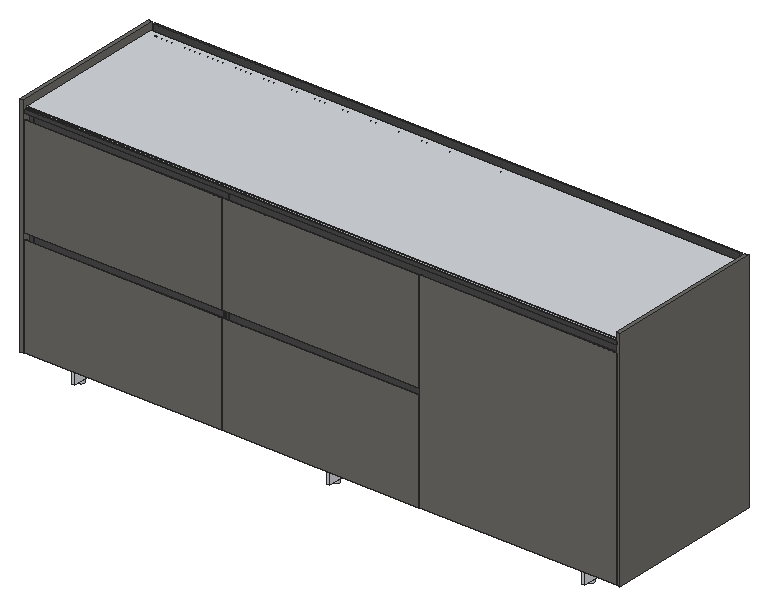
Revit family "Storage-Teknion-CW3Z_C+D_Three_Storage_Credenza_36_Height_Low_Base-R2020", category Furniture, Revit 2020
Family settings
  OmniClass Number = 23.40.20.00
  OmniClass Title = General Furniture and Specialties
  Work Plane-Based = No
  Always vertical = Yes
  Cut with Voids When Loaded = No
  Shared = Yes
  Room Calculation Point = No
Parameters (values of type "24D x 90W")
  Width = 90.000"
  Warranty = "http://www.teknion.com/ca/papers/legal-canada"
  Top Finish [instance] = none
  Storage Option [instance] = "Please select one Storage Option. (CCC) All Close Storage is default."  # constant formula
  Right Waste [instance] = or([(ACW) Left A/V, Center Closed Storage, Right Wasted], [(VCW) Left A/V with Upper Drawer, Center Closed Storage, Right Wasted], [(CCW) Left Closed Storage,Center Closed, Right Waste], [(ADW) Left A/V, Center Drawers, Right Waste], [(DDW) Left Drawers, Center Drawers, Right Waste])  # yes
  Right V&A Cut out [instance] = if(or([(WDA) Left Wasted, Center Drawers, Right A/V], [(WCA) Left Waste, Center Closed, Right A/V], [(WCV) Left Waste, Center Closed, Right A/V with Upper Drawer]), 15.000", 8.000")  # 8.000"
  Unit Weight URL = "http://www.teknion.com/ca/tools/assets#&asset=bee6a381-b954-425e-8283-5a2de3a804f2,f828d448-4b62-4231-9e5f-9a8991c0ed77"
  URL = "www.teknion.com"
  To render please download texture images found here [instance] = "https://assets.teknion.com/web/5e81352c1dfdb467/revit-material-swatches/"
  Sustainability Data = "https://www.teknion.com/ca/tools/assets#&topic=216f99a5-57a0-44fc-b10a-9dee9b29ae4c&asset=444deb64-fe58-4b68-981e-f75e97781df7,b4ff2d81-9f2e-437d-9659-7cffb09c31cf"
  Series = "C+D Conference Table"  # constant formula
  Right V&A 2D Lines [instance] = or([(WDA) Left Wasted, Center Drawers, Right A/V], [(WCA) Left Waste, Center Closed, Right A/V], [(WCV) Left Waste, Center Closed, Right A/V with Upper Drawer])  # no
  Right Drawers [instance] = or([(DDD) All Drawers], [(WDD) Left Waste , Center & Right Drawers])  # no
  Right Double Door [instance] = or([(WCV) Left Waste, Center Closed, Right A/V with Upper Drawer], [(WCA) Left Waste, Center Closed, Right A/V], [(WDA) Left Wasted, Center Drawers, Right A/V], [(WCC)  Left Waste , Center & Right Closed Storage], [(CCC) All Close Storage])  # no
  Middle Right Node [instance] = or(Right Drawers, [(WCV) Left Waste, Center Closed, Right A/V with Upper Drawer])  # no
  Middle Left Node [instance] = Center Drawers  # yes
  Left Waste [instance] = or([(WDA) Left Wasted, Center Drawers, Right A/V], [(WCV) Left Waste, Center Closed, Right A/V with Upper Drawer], [(WCA) Left Waste, Center Closed, Right A/V], [(WCC)  Left Waste , Center & Right Closed Storage], [(WDD) Left Waste , Center & Right Drawers])  # no
  Left V&A Cut Out [instance] = if(or([(ACW) Left A/V, Center Closed Storage, Right Wasted], [(VCW) Left A/V with Upper Drawer, Center Closed Storage, Right Wasted], [(ADW) Left A/V, Center Drawers, Right Waste]), 15.000", 8.000")  # 8.000"
  Left V&A 2D Lines [instance] = or([(ACW) Left A/V, Center Closed Storage, Right Wasted], [(VCW) Left A/V with Upper Drawer, Center Closed Storage, Right Wasted], [(ADW) Left A/V, Center Drawers, Right Waste])  # no
  Left Drawers [instance] = or([(DDW) Left Drawers, Center Drawers, Right Waste], [(DDD) All Drawers])  # yes
  Left Double Door [instance] = or([(ADW) Left A/V, Center Drawers, Right Waste], [(VCW) Left A/V with Upper Drawer, Center Closed Storage, Right Wasted], [(ACW) Left A/V, Center Closed Storage, Right Wasted], [(CCW) Left Closed Storage,Center Closed, Right Waste], [(CCC) All Close Storage])  # no
  Door Size [instance] = 14.750"
  Door L/R Size = 17.769"
  Door C Size = 17.750"
  Description = "C+D Three Storage Credenza, 36\" Height, Low Based, 24\" Depth, 90\" Width"
  Center Drawers [instance] = or([(WDA) Left Wasted, Center Drawers, Right A/V], [(WDD) Left Waste , Center & Right Drawers], [(DDW) Left Drawers, Center Drawers, Right Waste], [(ADW) Left A/V, Center Drawers, Right Waste], [(DDD) All Drawers])  # yes
  Center Closed Storage [instance] = or([(ACW) Left A/V, Center Closed Storage, Right Wasted], [(VCW) Left A/V with Upper Drawer, Center Closed Storage, Right Wasted], [(WCC)  Left Waste , Center & Right Closed Storage], [(WCA) Left Waste, Center Closed, Right A/V], [(WCV) Left Waste, Center Closed, Right A/V with Upper Drawer], [(CCW) Left Closed Storage,Center Closed, Right Waste], [(CCC) All Close Storage])  # no
  Case Finish [instance] = Veneer - Teknion - VP - Chia
  24 2D Node = yes
  20 2D Node = no
  (WCV) Left Waste, Center Closed, Right A/V with Upper Drawer [instance] = no
  (WDD) Left Waste , Center & Right Drawers [instance] = no
  (WCA) Left Waste, Center Closed, Right A/V [instance] = no
  (DDW) Left Drawers, Center Drawers, Right Waste [instance] = yes
  (CCW) Left Closed Storage,Center Closed, Right Waste [instance] = no
  Product Page URL = "https://www.teknion.com/ca/products/product-details?productLineId=f681026f-8e7a-673b-a6c8-ff05004460c4"
  Product Line = "C+D Credenzas"  # constant formula
  Product Documentation Link = "https://www.teknion.com/pricing/cd-conference-table/pdfs/Credenzas_ppg.pdf"
  Part Number = "CW3Z"  # constant formula
  Model = "CW3Z_2490"
  Manufacturer Phone = "416-661-3370"  # constant formula
  Manufacturer Fax = "416.661.4586"  # constant formula
  Manufacturer Contact Information = "http://www.teknion.com/ca/contactus"
  Manufacturer Address = "1150 Flint Road, Toronto, ON. M3J 2J5. Canada"  # constant formula
  Manufacturer = "Teknion"  # constant formula
  (WDA) Left Wasted, Center Drawers, Right A/V [instance] = no
  (DDD) All Drawers [instance] = no
  (CCC) All Close Storage [instance] = not(or([(DDD) All Drawers], [(ACW) Left A/V, Center Closed Storage, Right Wasted], [(VCW) Left A/V with Upper Drawer, Center Closed Storage, Right Wasted], [(WDA) Left Wasted, Center Drawers, Right A/V], [(WCC)  Left Waste , Center & Right Closed Storage], [(WDD) Left Waste , Center & Right Drawers], [(WCA) Left Waste, Center Closed, Right A/V], [(WCV) Left Waste, Center Closed, Right A/V with Upper Drawer], [(CCW) Left Closed Storage,Center Closed, Right Waste], [(DDW) Left Drawers, Center Drawers, Right Waste], [(ADW) Left A/V, Center Drawers, Right Waste]))  # no
  (VCW) Left A/V with Upper Drawer, Center Closed Storage, Right Wasted [instance] = no
  How To Use Teknion Materials User Guide [instance] = "https://assets.teknion.com/m/205dd0a49fa58060/original/How-to-add-a-Material-Library-and-Texture-Images-to-your-Revit-project.pdf"
  For Additional Finishes please visit [instance] = "https://assets.teknion.com/m/44a8009b046e5d47/original/Teknion_Materials_Library.zip"
  Depth = 24.000"
  Default Elevation = 0.000"
  Assembly Code = "E2020200"
  (WCC)  Left Waste , Center & Right Closed Storage [instance] = no
  (ADW) Left A/V, Center Drawers, Right Waste [instance] = no
  (ACW) Left A/V, Center Closed Storage, Right Wasted [instance] = no
Reference planes (in)
  plane 1 "Center Front/Back": y = -10
  plane 2: z = 0.00394
  plane 3 "Center Left/Right": x = 30
  plane 4 "Left": x = -15
  plane 5 "Right": x = 75
  plane 6 "Back": y = 2
  plane 7 "Front": y = -22
  plane 8 "Top": z = 37.00787
  plane 9: y = -1
  plane 10: y = -19
  plane 11: x = 0.37927
  plane 12: x = -14.4311
  plane 13: x = 74.4311
  plane 14: x = 59.62073
  plane 15: x = 15.18963
  plane 16: x = 44.81037
  plane 17: x = -8.25
  plane 18: x = 68.25
  plane 19: y = -21.23622
Forms (in)
  Sweep 1, solid, material "Veneer - Teknion - VP - Chia" <- "Case Finish"
    path origin (0, -10, 0) x (1, 0, 0) y (0, 0, 1)
      loop
        line (30, 37.00787) -> (30, 3.00394)
    profile origin (30, -10, 20.00591) x (0, -1, 0) y (1, 0, 0)
      loop
        line (-12, -45) -> (12, -45) -> (12, -44.46063) -> (-12, -44.46063) -> (-12, -45)
      loop
        line (-12, 45) -> (-12, 44.46063) -> (12, 44.46063) -> (12, 45) -> (-12, 45)
  Sweep 2, solid, material "Veneer - Teknion - VP - Chia" <- "Case Finish"
    path origin (30, 0, 0) x (0, 1, 0) y (0, 0, 1)
      loop
        line (1.21654, 33.95669) -> (1.21654, 3.00394)
    profile origin (30, 1.21654, 18.48031) x (1, 0, 0) y (0, 1, 0)
      loop
        line (-44.46063, 0.72441) -> (-44.46063, 0) -> (44.46063, 0) -> (44.46063, 0.72441) -> (-44.46063, 0.72441)
  Sweep 3, solid, material "Veneer - Teknion - VP - Chia" <- "Case Finish"
    path origin (0, -10, 0) x (1, 0, 0) y (0, 0, 1)
      loop
        line (-14.46063, 11.04331) -> (74.46063, 11.04331)
    profile origin (30, -10, 11.04331) x (0, 0, 1) y (0, -1, 0)
      loop
        line (-7, 11.03819) -> (-8.03937, 11.03819) -> (-8.03937, -11.21654) -> (-7, -11.21654) -> (-7, 11.03819)
  Sweep 4, solid, material "Veneer - Teknion - VP - Chia" <- "Case Finish"
    path origin (0, -10, 0) x (1, 0, 0) y (0, 0, 1)
      loop
        line (30, 4.04331) -> (30, 34.54724)
    profile origin (30, -10, 19.29528) x (-1, 0, 0) y (0, -1, 0)
      loop
        line (44.46063, -11.21654) -> (44.46063, 11.03819) -> (43.73622, 11.03819) -> (43.73622, -11.21654) -> (44.46063, -11.21654)
      loop
        line (15.17257, -11.21654) -> (15.17257, 11.03819) -> (14.44816, 11.03819) -> (14.44816, -11.21654) -> (15.17257, -11.21654)
      loop
        line (-43.73622, 11.03819) -> (-44.46063, 11.03819) -> (-44.46063, -11.21654) -> (-43.73622, -11.21654) -> (-43.73622, 11.03819)
      loop
        line (-14.44816, -11.21654) -> (-14.44816, 11.03819) -> (-15.17257, 11.03819) -> (-15.17257, -11.21654) -> (-14.44816, -11.21654)
  Sweep 5, solid, material "Veneer - Teknion - VP - Chia" <- "Case Finish"
    path origin (0, -10, 0) x (1, 0, 0) y (0, 0, 1)
      loop
        line (74.46063, 35.29528) -> (-14.46063, 35.29528)
    profile origin (30, -10, 35.29528) x (0, 0, -1) y (0, -1, 0)
      loop
        line (0, -11.76378) -> (0.74803, -11.76378) -> (0.74803, 11.03819) -> (0, 11.03819) -> (0, -11.76378)
  Sweep 6, solid, material "Veneer - Teknion - VP - Chia" <- "Case Finish", visible <- "Left Double Door"
    path origin (0, -10, 0) x (1, 0, 0) y (0, 0, 1)
      loop
        line (0.34938, 34.25591) -> (-14.40157, 34.25591)
    profile origin (-7.0261, -10, 34.25591) x (0, 0, -1) y (0, -1, 0)
      loop
        line (0, 11.96063) -> (0, 11.84252) -> (0.6063, 11.23622) -> (31.25197, 11.23622) -> (31.25197, 11.96063) -> (0, 11.96063)
  Sweep 7, solid, material "Veneer - Teknion - VP - Chia" <- "Case Finish", visible <- "Center Closed Storage"
    path origin (14.72047, -10, 0) x (1, 0, 0) y (0, 0, 1)
      loop
        line (15.24939, 34.25591) -> (0.49939, 34.25591)
    profile origin (22.59486, -10, 34.25591) x (0, 0, -1) y (0, -1, 0)
      loop
        line (0, 11.96063) -> (0, 11.84252) -> (0.6063, 11.23622) -> (31.25197, 11.23622) -> (31.25197, 11.96063) -> (0, 11.96063)
  Sweep 8, solid, material "Veneer - Teknion - VP - Chia" <- "Case Finish", visible <- "Center Closed Storage"
    path origin (29.44094, -10, 0) x (1, 0, 0) y (0, 0, 1)
      loop
        line (15.33987, 34.25591) -> (0.58882, 34.25591)
    profile origin (37.40529, -10, 34.25591) x (0, 0, -1) y (0, -1, 0)
      loop
        line (0, 11.96063) -> (0, 11.84252) -> (0.6063, 11.23622) -> (31.25197, 11.23622) -> (31.25197, 11.96063) -> (0, 11.96063)
  Sweep 9, solid, material "Veneer - Teknion - VP - Chia" <- "Case Finish", visible <- "Right Double Door"
    path origin (44.16142, -10, 0) x (1, 0, 0) y (0, 0, 1)
      loop
        line (30.24016, 34.25591) -> (15.48894, 34.25591)
    profile origin (67.02597, -10, 34.25591) x (0, 0, -1) y (0, -1, 0)
      loop
        line (0, 11.96063) -> (0, 11.84252) -> (0.6063, 11.23622) -> (31.25197, 11.23622) -> (31.25197, 11.96063) -> (0, 11.96063)
  Sweep 10, solid, material "Veneer - Teknion - VP - Chia" <- "Case Finish", visible <- "Left Drawers"
    path origin (0, -10, 0) x (1, 0, 0) y (0, 0, 1)
      loop
        line (-14.40157, 19.12992) -> (15.15947, 19.12992)
    profile origin (0.37895, -10, 19.12992) x (0, 0, 1) y (0, -1, 0)
      loop
        line (15.12598, 11.84252) -> (15.12598, 11.96063) -> (0, 11.96063) -> (0, 11.23622) -> (14.51969, 11.23622) -> (15.12598, 11.84252)
  Sweep 11, solid, material "Veneer - Teknion - VP - Chia" <- "Case Finish", visible <- "Left Drawers"
    path origin (0, -10, 0) x (1, 0, 0) y (0, 0, 1)
      loop
        line (15.15947, 18.12992) -> (-14.40157, 18.12992)
    profile origin (0.37895, -10, 18.12992) x (0, 0, -1) y (0, -1, 0)
      loop
        line (0, 11.96063) -> (0, 11.84252) -> (0.6063, 11.23622) -> (15.12598, 11.23622) -> (15.12598, 11.96063) -> (0, 11.96063)
  Sweep 12, solid, material "Veneer - Teknion - VP - Chia" <- "Case Finish", visible <- "Right Drawers"
    path origin (29.44094, -10, 0) x (1, 0, 0) y (0, 0, 1)
      loop
        line (15.39927, 19.12992) -> (44.96063, 19.12992)
    profile origin (59.62089, -10, 19.12992) x (0, 0, 1) y (0, -1, 0)
      loop
        line (15.12598, 11.84252) -> (15.12598, 11.96063) -> (0, 11.96063) -> (0, 11.23622) -> (14.51969, 11.23622) -> (15.12598, 11.84252)
  Sweep 13, solid, material "Veneer - Teknion - VP - Chia" <- "Case Finish", visible <- "Right Drawers"
    path origin (29.44094, -10, 0) x (1, 0, 0) y (0, 0, 1)
      loop
        line (44.96063, 18.12992) -> (15.39927, 18.12992)
    profile origin (59.62089, -10, 18.12992) x (0, 0, -1) y (0, -1, 0)
      loop
        line (0, 11.96063) -> (0, 11.84252) -> (0.6063, 11.23622) -> (15.12598, 11.23622) -> (15.12598, 11.96063) -> (0, 11.96063)
  Sweep 14, solid, material "Paint - Teknion - 52 - Ebony"
    path origin (0, 0, 0.00394) x (1, 0, 0) y (0, 1, 0)
      loop
        line (74.46063, -20.29016) -> (-14.46063, -20.29016)
    profile origin (30, -20.29016, 0.00394) x (0, -1, 0) y (0, 0, 1)
      loop
        line (1.67055, 35.78346) -> (1.27685, 35.78346) -> (1.27685, 35.33071) -> (0.74803, 35.33071) -> (0.74803, 34.54331) -> (0, 34.54331) -> (0, 33.32283) -> (0.82803, 33.32283) -> (0.82803, 35.25071) -> (1.67055, 35.25071) -> (1.67055, 35.78346)
  Sweep 15, solid, material "Paint - Teknion - 52 - Ebony"
    path origin (0, 0, 0.00394) x (1, 0, 0) y (0, 1, 0)
      loop
        line (-13.96063, 0.76378) -> (73.96063, 0.76378)
    profile origin (30, 0.76378, 0.00394) x (0, 1, 0) y (0, 0, 1)
      loop
        line (1.23622, 37.00394) -> (1, 37.00394) -> (1, 35.58324)
        arc (1, 35.58324) -> (1, 35.52756) -> (0.94432, 35.52756) r 0.03937
        line (0.94432, 35.52756) -> (0, 35.52756) -> (0, 35.29134) -> (0.94432, 35.29134)
        arc (0.94432, 35.29134) -> (1, 35.29134) -> (1, 35.23566) r 0.03937
        line (1, 35.23566) -> (1, 34.54331) -> (1.23622, 34.54331) -> (1.23622, 37.00394)
  Sweep 16, solid, material "Veneer - Teknion - VP - Chia" <- "Case Finish", visible <- "Left Waste"
    path origin (0, -10, 0) x (1, 0, 0) y (0, 0, 1)
      loop
        line (15.15947, 34.25591) -> (-14.40157, 34.25591)
    profile origin (0.37895, -10, 34.25591) x (0, 0, -1) y (0, -1, 0)
      loop
        line (0, 11.84252) -> (0.6063, 11.23622) -> (31.25197, 11.23622) -> (31.25197, 11.96063) -> (0, 11.96063) -> (0, 11.84252)
  Sweep 17, solid, material "Veneer - Teknion - VP - Chia" <- "Case Finish", visible <- "Right Waste"
    path origin (29.44094, -10, 0) x (1, 0, 0) y (0, 0, 1)
      loop
        line (44.96063, 34.25591) -> (15.39927, 34.25591)
    profile origin (59.62089, -10, 34.25591) x (0, 0, -1) y (0, -1, 0)
      loop
        line (0, 11.84252) -> (0.6063, 11.23622) -> (31.25197, 11.23622) -> (31.25197, 11.96063) -> (0, 11.96063) -> (0, 11.84252)
  Sweep 18, solid, material <- "Top Finish"
    path origin (0, -10, 0) x (1, 0, 0) y (0, 0, 1)
      loop
        line (-14.46063, 36.00394) -> (74.46063, 36.00394)
    profile origin (30, -10, 36.00394) x (0, 0, 1) y (0, -1, 0)
      loop
        arc (0, 11.66535) -> (-0.0173, 11.70711) -> (-0.05906, 11.72441) r 0.05906
        line (-0.05906, 11.72441) -> (-0.21654, 11.72441) -> (-0.21654, 11.48819) -> (-0.47244, 11.48819) -> (-0.47244, -11.76378) -> (0, -11.76378) -> (0, 11.66535)
  Sweep 19, solid, material "Paint - Teknion - 52 - Ebony", visible <- "Left Drawers"
    path origin (0, -10, 0) x (1, 0, 0) y (0, 0, 1)
      loop
        line (0.37927, 19.20866) -> (0.37927, 17.24016)
    profile origin (0.37927, -10, 18.22441) x (0, -1, 0) y (1, 0, 0)
      loop
        line (11.03819, -14.11549) -> (11.03819, -14.8399) -> (11.11319, -14.8399) -> (11.11319, 14.81037) -> (11.03819, 14.81037) -> (11.03819, 14.44816) -> (10.29016, 14.44816) -> (10.29016, -14.11549) -> (11.03819, -14.11549)
  Sweep 20, solid, material "Paint - Teknion - 52 - Ebony", visible <- "Right Drawers"
    path origin (29.46063, -10, 0) x (1, 0, 0) y (0, 0, 1)
      loop
        line (30.1601, 19.20866) -> (30.1601, 17.24016)
    profile origin (59.62073, -10, 18.22441) x (0, -1, 0) y (1, 0, 0)
      loop
        line (11.03819, -14.44816) -> (11.03819, -14.81037) -> (11.11319, -14.81037) -> (11.11319, 14.8399) -> (11.03819, 14.8399) -> (11.03819, 14.11549) -> (10.29016, 14.11549) -> (10.29016, -14.44816) -> (11.03819, -14.44816)
  Sweep 21, void
    path origin (74, -2.36839, 48) x (0, 1, 0) y (0, 0, 1)
      loop
        line (0.36839, -29.51969) -> (-7.63161, -29.51969)
    profile origin (74, -6, 18.48031) x (0, 0, -1) y (1, 0, 0)
      loop
        arc (-5, -19.35105) -> (-4.92678, -19.52783) -> (-4.75, -19.60105) r 0.25
        line (-4.75, -19.60105) -> (4.75, -19.60105)
        arc (4.75, -19.60105) -> (4.92678, -19.52783) -> (5, -19.35105) r 0.25
        line (5, -19.35105) -> (5, -9.85105)
        arc (5, -9.85105) -> (4.92678, -9.67427) -> (4.75, -9.60105) r 0.25
        line (4.75, -9.60105) -> (-4.75, -9.60105)
        arc (-4.75, -9.60105) -> (-4.92678, -9.67427) -> (-5, -9.85105) r 0.25
        line (-5, -9.85105) -> (-5, -19.35105)
  Sweep 22, void
    path origin (74, -2.36839, 48) x (0, 1, 0) y (0, 0, 1)
      loop
        line (-7.63161, -22.51969) -> (0.36839, -22.51969)
    profile origin (74, -6, 25.48031) x (0, 0, 1) y (1, 0, 0)
      loop
        line (-2, -78.14895) -> (-2, -68.64895)
        arc (-2, -68.64895) -> (-2.07322, -68.47217) -> (-2.25, -68.39895) r 0.25
        line (-2.25, -68.39895) -> (-11.75, -68.39895)
        arc (-11.75, -68.39895) -> (-11.92678, -68.47217) -> (-12, -68.64895) r 0.25
        line (-12, -68.64895) -> (-12, -78.14895)
        arc (-12, -78.14895) -> (-11.92678, -78.32573) -> (-11.75, -78.39895) r 0.25
        line (-11.75, -78.39895) -> (-2.25, -78.39895)
        arc (-2.25, -78.39895) -> (-2.07322, -78.32573) -> (-2, -78.14895) r 0.25
  Sweep 23, solid, material "Veneer - Teknion - VP - Chia" <- "Case Finish", visible <- "Left Double Door"
    path origin (17.81009, -10, 0) x (1, 0, 0) y (0, 0, 1)
      loop
        line (-2.65062, 34.25591) -> (-17.40062, 34.25591)
    profile origin (7.78447, -10, 34.25591) x (0, 0, -1) y (0, -1, 0)
      loop
        line (0, 11.96063) -> (0, 11.84252) -> (0.6063, 11.23622) -> (31.25197, 11.23622) -> (31.25197, 11.96063) -> (0, 11.96063)
  Sweep 24, solid, material "Veneer - Teknion - VP - Chia" <- "Case Finish", visible <- "Right Double Door"
    path origin (26.35127, -10, 0) x (1, 0, 0) y (0, 0, 1)
      loop
        line (33.23982, 34.25591) -> (18.48894, 34.25591)
    profile origin (52.21565, -10, 34.25591) x (0, 0, -1) y (0, -1, 0)
      loop
        line (0, 11.96063) -> (0, 11.84252) -> (0.6063, 11.23622) -> (31.25197, 11.23622) -> (31.25197, 11.96063) -> (0, 11.96063)
  Sweep 25, solid, material "Paint - Teknion - 52 - Ebony", visible <- "Center Drawers"
    path origin (35.62073, -10, 0) x (1, 0, 0) y (0, 0, 1)
      loop
        line (-5.62073, 19.20866) -> (-5.62073, 17.24016)
    profile origin (30, -10, 18.22441) x (0, -1, 0) y (1, 0, 0)
      loop
        line (11.03819, -14.44816) -> (11.03819, -14.81037) -> (11.11319, -14.81037) -> (11.11319, 14.81037) -> (11.03819, 14.81037) -> (11.03819, 14.44816) -> (10.29016, 14.44816) -> (10.29016, -14.44816) -> (11.03819, -14.44816)
  Sweep 26, solid, material "Veneer - Teknion - VP - Chia" <- "Case Finish", visible <- "Center Drawers"
    path origin (-6.17979, -10, 0) x (1, 0, 0) y (0, 0, 1)
      loop
        line (21.39965, 26.13386) -> (50.9606, 26.13386)
    profile origin (30.00034, -10, 26.13386) x (0, 0, 1) y (0, -1, 0)
      loop
        line (8.12205, 11.84252) -> (8.12205, 11.96063) -> (-7.00394, 11.96063) -> (-7.00394, 11.23622) -> (7.51575, 11.23622) -> (8.12205, 11.84252)
  Sweep 27, solid, material "Veneer - Teknion - VP - Chia" <- "Case Finish", visible <- "Center Drawers"
    path origin (-6.17979, -10, 0) x (1, 0, 0) y (0, 0, 1)
      loop
        line (50.9606, 25.13386) -> (21.39965, 25.13386)
    profile origin (30.00034, -10, 25.13386) x (0, 0, -1) y (0, -1, 0)
      loop
        line (7.00394, 11.96063) -> (7.00394, 11.84252) -> (7.61024, 11.23622) -> (22.12992, 11.23622) -> (22.12992, 11.96063) -> (7.00394, 11.96063)
  Sweep 28, solid
    path origin (0, -10, 0) x (1, 0, 0) y (0, 0, 1)
      loop
        line (-8.25, 0.27953) -> (-8.25, 0.00394)
    profile origin (-8.25, -10, 0.14173) x (0, -1, 0) y (1, 0, 0)
      loop
        circle (9, 0) r 0.41476
      loop
        circle (9, 0) r 0.12964
      loop
        circle (-9, 0) r 0.41476
      loop
        circle (-9, 0) r 0.12964
      loop
        circle (9, 38.25) r 0.41476
      loop
        circle (9, 38.25) r 0.12964
      loop
        circle (-9, 38.25) r 0.41476
      loop
        circle (-9, 38.25) r 0.12964
      loop
        circle (-9, 76.5) r 0.41476
      loop
        circle (-9, 76.5) r 0.12964
      loop
        circle (9, 76.5) r 0.41476
      loop
        circle (9, 76.5) r 0.12964
  Sweep 29, solid
    path origin (0, -10, 0) x (1, 0, 0) y (0, 0, 1)
      loop
        line (-8.25, 3.00394) -> (-8.25, 0.27953)
    profile origin (-8.25, -10, 1.64173) x (0, -1, 0) y (1, 0, 0)
      loop
        line (-10.5, -0.25) -> (10.5, -0.25) -> (10.5, 0.25) -> (-10.5, 0.25) -> (-10.5, -0.25)
      loop
        line (-10.5, 76.25) -> (10.5, 76.25) -> (10.5, 76.75) -> (-10.5, 76.75) -> (-10.5, 76.25)
      loop
        line (10.5, 38) -> (10.5, 38.5) -> (-10.5, 38.5) -> (-10.5, 38) -> (10.5, 38)
  Sweep 30, solid
    path origin (0, -10, 0) x (1, 0, 0) y (0, 0, 1)
      loop
        line (30, 3.00394) -> (30, 0.27953)
    profile origin (30, -10, 1.64173) x (0, -1, 0) y (1, 0, 0)
      loop
        line (-8.5, -38) -> (2.5, -38) -> (2.5, -0.25) -> (-8.5, -0.25) -> (-8.5, -38)
      loop
        line (-8.5, 0.25) -> (2.5, 0.25) -> (2.5, 38) -> (-8.5, 38) -> (-8.5, 0.25)
      loop
        line (-7.75, -37.25) -> (1.75, -37.25) -> (1.75, -1) -> (-7.75, -1) -> (-7.75, -37.25)
      loop
        line (-7.75, 1) -> (1.75, 1) -> (1.75, 37.25) -> (-7.75, 37.25) -> (-7.75, 1)
Cuts and joins
  Sweep 21, Sweep 22 cuts Sweep 2
Lines and regions (in)
  Masking region 1
    outline origin (0, 0, 0.00394) x (1, 0, 0) y (0, 1, 0)
      loop
        line (-15, 2) -> (-15, -22) -> (-14.46063, -22) -> (-14.46063, -21.96071) -> (74.46063, -21.96071) -> (74.46063, -22) -> (75, -22) -> (75, 2) -> (74.46063, 2) -> (74.46063, 1.94094) -> (73.96063, 1.94094) -> (73.96063, 2) -> (-13.96063, 2) -> (-13.96063, 1.94094) -> (-14.46063, 1.94094) -> (-14.46063, 2) -> (-15, 2)
  symbolic lines
    curve 1: line (-14.46063, -22, 0.00394) -> (-14.46063, 2, 0.00394)
    curve 2: line (-14.46063, -21.72441, 0.00394) -> (74.46063, -21.72441, 0.00394)
    curve 3: line (74.46063, 2, 0.00394) -> (74.46063, -22, 0.00394)
    curve 4: line (74.46063, 1.76378, 0.00394) -> (-14.46063, 1.76378, 0.00394)
    curve 5: line (73.96063, 2, 0.00394) -> (73.96063, 1.76378, 0.00394)
    curve 6: line (-13.96063, 2, 0.00394) -> (-13.96063, 1.76378, 0.00394)
  symbolic lines, style "FurnitureHiddenLines", detail levels medium+fine
    curve 7: line (74.46063, 1.94094, 0.00394) -> (-14.46063, 1.94094, 0.00394)
    curve 8: line (-13.96063, 0.76378, 0.00394) -> (73.96063, 0.76378, 0.00394)
    curve 9: line (74.46063, 1.21654, 0.00394) -> (-14.46063, 1.21654, 0.00394)
    curve 10: line (-13.73622, -21.03819, 0.00394) -> (-13.73622, 1.21654, 0.00394)
    curve 11: line (-13.96063, 0.76378, 0.00394) -> (-13.96063, 2, 0.00394)
    curve 12: line (73.96063, 1.7081, 0.00394) -> (-13.96063, 1.7081, 0.00394)
    curve 13: line (73.73622, 1.21654, 0.00394) -> (73.73622, -21.03819, 0.00394)
    curve 14: line (74.46063, -21.03819, 0.00394) -> (-14.46063, -21.03819, 0.00394)
    curve 15: line (14.82743, 1.21654, 0.00394) -> (14.82743, -21.03819, 0.00394)
    curve 16: line (15.55184, -21.03819, 0.00394) -> (15.55184, 1.21654, 0.00394)
    curve 17: line (74.46063, -20.29016, 0.00394) -> (-14.46063, -20.29016, 0.00394)
    curve 18: line (-14.46063, -21.11819, 0.00394) -> (74.46063, -21.11819, 0.00394)
    curve 19: line (74.46063, -21.56701, 0.00394) -> (-14.46063, -21.56701, 0.00394)
    curve 20: line (-14.46063, -21.48819, 0.00394) -> (74.46063, -21.48819, 0.00394)
    curve 31: line (-14.40157, -21.23622, 0.00394) -> (-14.40157, -21.96063, 0.00394)
    curve 51: line (44.44816, 1.21654, 0.00394) -> (44.44816, -21.03819, 0.00394)
    curve 52: line (45.17257, -21.03819, 0.00394) -> (45.17257, 1.21654, 0.00394)
    curve 53: line (45.17257, 1.21654, 0.00394) -> (44.44816, 1.21654, 0.00394)
    curve 54: line (44.44816, -21.03819, 0.00394) -> (45.17257, -21.03819, 0.00394)
    curve 126: line (15.15947, -21.23622, 0.00394) -> (0.40947, -21.23622, 0.00394)
  symbolic lines, style "FurnitureHiddenLines", visible <- "Left Double Door", detail levels medium+fine
    curve 21: line (-14.40157, -21.23622, 0.00394) -> (-14.40157, -21.96063, 0.00394)
    curve 22: line (0.34938, -21.23622, 0.00394) -> (0.34938, -21.96063, 0.00394)
    curve 23: line (0.34938, -21.23622, 0.00394) -> (-14.40157, -21.23622, 0.00394)
    curve 24: line (15.21986, -21.23622, 0.00394) -> (15.21986, -21.96063, 0.00394)
    curve 55: line (0.40947, -21.23622, 0.00394) -> (15.15947, -21.23622, 0.00394)
    curve 56: line (0.40947, -21.96063, 0.00394) -> (0.40947, -21.23622, 0.00394)
    curve 57: line (15.15947, -21.96063, 0.00394) -> (0.40947, -21.96063, 0.00394)
    curve 58: line (15.15947, -21.23622, 0.00394) -> (15.15947, -21.96063, 0.00394)
  symbolic lines, style "FurnitureHiddenLines", visible <- "Right Double Door", detail levels medium+fine
    curve 25: line (44.78081, -21.23622, 0.00394) -> (44.78081, -21.96063, 0.00394)
    curve 26: line (44.84021, -21.23622, 0.00394) -> (44.84021, -21.96063, 0.00394)
    curve 27: line (74.40157, -21.23622, 0.00394) -> (59.65036, -21.23622, 0.00394)
    curve 28: line (59.65036, -21.23622, 0.00394) -> (59.65036, -21.96063, 0.00394)
    curve 29: line (74.40157, -21.23622, 0.00394) -> (74.40157, -21.96063, 0.00394)
    curve 67: line (59.59109, -21.23622, 0.00394) -> (44.84021, -21.23622, 0.00394)
    curve 68: line (44.84021, -21.96063, 0.00394) -> (59.59109, -21.96063, 0.00394)
    curve 69: line (59.59109, -21.23622, 0.00394) -> (59.59109, -21.96063, 0.00394)
  symbolic lines, style "FurnitureHiddenLines", visible <- "Left Waste", detail levels medium+fine
    curve 30: line (15.15947, -21.23622, 0.00394) -> (15.15947, -21.96063, 0.00394)
    curve 127: line (15.15947, -21.23622, 0.00394) -> (0.40947, -21.23622, 0.00394)
  symbolic lines, style "FurnitureHiddenLines", visible <- "Right Drawers", detail levels medium+fine
    curve 32: line (44.84021, -21.23622, 0.00394) -> (44.84021, -21.96063, 0.00394)
    curve 33: line (74.40157, -21.23622, 0.00394) -> (44.84021, -21.23622, 0.00394)
    curve 34: line (74.40157, -21.23622, 0.00394) -> (74.40157, -21.96063, 0.00394)
  symbolic lines, style "FurnitureHiddenLines", visible <- "Left Drawers", detail levels medium+fine
    curve 35: line (-14.40157, -21.96063, 0.00394) -> (-14.40157, -21.23622, 0.00394)
    curve 36: line (15.15947, -21.23622, 0.00394) -> (-14.40157, -21.23622, 0.00394)
    curve 129: line (15.15947, -21.23622, 0.00394) -> (15.15947, -21.96063, 0.00394)
  symbolic lines, style "FurnitureHiddenLines", visible <- "Right Waste", detail levels medium+fine
    curve 37: line (74.40157, -21.96063, 0.00394) -> (74.40157, -21.23622, 0.00394)
    curve 38: line (74.40157, -21.23622, 0.00394) -> (44.84021, -21.23622, 0.00394)
    curve 125: line (44.84021, -21.23622, 0.00394) -> (44.84021, -21.96063, 0.00394)
  reference lines
    curve 39: line (-15, 2, 0.00394) -> (75, 2, 0.00394)
    curve 40: line (-15, 4, 0.00394) -> (-15, -24, 0.00394)
    curve 41: line (-15, -22, 0.00394) -> (75, -22, 0.00394)
    curve 42: line (75, 4, 0.00394) -> (75, -24, 0.00394)
  symbolic lines, style "FurnitureHiddenLines", visible <- "Left V&A 2D Lines", detail levels medium+fine
    curve 43: line (-4.39895, 1.94094, 0.00394) -> (5.60105, 1.94094, 0.00394)
    curve 44: line (-4.39895, 1.21654, 0.00394) -> (-4.39895, 1.94094, 0.00394)
    curve 45: line (5.60105, 1.21654, 0.00394) -> (-4.39895, 1.21654, 0.00394)
    curve 46: line (5.60105, 1.94094, 0.00394) -> (5.60105, 1.21654, 0.00394)
  symbolic lines, style "FurnitureHiddenLines", visible <- "Right V&A 2D Lines", detail levels medium+fine
    curve 47: line (54.39895, 1.94094, 0.00394) -> (64.39895, 1.94094, 0.00394)
    curve 48: line (54.39895, 1.21654, 0.00394) -> (54.39895, 1.94094, 0.00394)
    curve 49: line (64.39895, 1.21654, 0.00394) -> (54.39895, 1.21654, 0.00394)
    curve 50: line (64.39895, 1.94094, 0.00394) -> (64.39895, 1.21654, 0.00394)
  symbolic lines, style "FurnitureHiddenLines", visible <- "Center Closed Storage", detail levels medium+fine
    curve 59: line (15.21986, -21.23622, 0.00394) -> (29.96986, -21.23622, 0.00394)
    curve 60: line (15.21986, -21.96063, 0.00394) -> (15.21986, -21.23622, 0.00394)
    curve 61: line (29.96986, -21.96063, 0.00394) -> (15.21986, -21.96063, 0.00394)
    curve 62: line (29.96986, -21.23622, 0.00394) -> (29.96986, -21.96063, 0.00394)
    curve 63: line (30.02977, -21.96063, 0.00394) -> (44.78081, -21.96063, 0.00394)
    curve 64: line (30.02977, -21.23622, 0.00394) -> (30.02977, -21.96063, 0.00394)
    curve 65: line (44.78081, -21.23622, 0.00394) -> (30.02977, -21.23622, 0.00394)
    curve 66: line (44.78081, -21.96063, 0.00394) -> (44.78081, -21.23622, 0.00394)
  symbolic lines, style "FurnitureHiddenLines", visible <- "Center Drawers", detail levels medium+fine
    curve 70: line (15.21986, -21.23622, 0.00394) -> (44.78081, -21.23622, 0.00394)
    curve 71: line (15.21986, -21.96063, 0.00394) -> (15.21986, -21.23622, 0.00394)
    curve 72: line (44.78081, -21.96063, 0.00394) -> (15.21986, -21.96063, 0.00394)
    curve 128: line (44.78081, -21.96063, 0.00394) -> (44.78081, -21.23622, 0.00394)
  symbolic lines, style "FurnitureHiddenLines", detail levels fine
    curve 73: line (-8.5, 0.5, 0.00394) -> (-8, 0.5, 0.00394)
    curve 74: line (-8.5, -20.5, 0.00394) -> (-8.5, 0.5, 0.00394)
    curve 75: line (-8, -20.5, 0.00394) -> (-8.5, -20.5, 0.00394)
    curve 76: line (-8, 0.5, 0.00394) -> (-8, -20.5, 0.00394)
    curve 77: line (29.75, 0.5, 0.00394) -> (30.25, 0.5, 0.00394)
    curve 78: line (29.75, -20.5, 0.00394) -> (29.75, 0.5, 0.00394)
    curve 79: line (30.25, -20.5, 0.00394) -> (29.75, -20.5, 0.00394)
    curve 80: line (30.25, 0.5, 0.00394) -> (30.25, -20.5, 0.00394)
    curve 81: line (68, 0.5, 0.00394) -> (68.5, 0.5, 0.00394)
    curve 82: line (68, -20.5, 0.00394) -> (68, 0.5, 0.00394)
    curve 83: line (68.5, -20.5, 0.00394) -> (68, -20.5, 0.00394)
    curve 84: line (68.5, 0.5, 0.00394) -> (68.5, -20.5, 0.00394)
    curve 85: line (-8, -1.5, 0.00394) -> (29.75, -1.5, 0.00394)
    curve 86: line (-8, -12.5, 0.00394) -> (-8, -1.5, 0.00394)
    curve 87: line (29.75, -12.5, 0.00394) -> (-8, -12.5, 0.00394)
    curve 88: line (29.75, -1.5, 0.00394) -> (29.75, -12.5, 0.00394)
    curve 89: line (-7.25, -11.75, 0.00394) -> (29, -11.75, 0.00394)
    curve 90: line (-7.25, -2.25, 0.00394) -> (-7.25, -11.75, 0.00394)
    curve 91: line (29, -2.25, 0.00394) -> (-7.25, -2.25, 0.00394)
    curve 92: line (29, -11.75, 0.00394) -> (29, -2.25, 0.00394)
    curve 93: line (30.25, -1.5, 0.00394) -> (68, -1.5, 0.00394)
    curve 94: line (30.25, -12.5, 0.00394) -> (30.25, -1.5, 0.00394)
    curve 95: line (68, -12.5, 0.00394) -> (30.25, -12.5, 0.00394)
    curve 96: line (68, -1.5, 0.00394) -> (68, -12.5, 0.00394)
    curve 97: line (31, -11.75, 0.00394) -> (67.25, -11.75, 0.00394)
    curve 98: line (31, -2.25, 0.00394) -> (31, -11.75, 0.00394)
    curve 99: line (67.25, -2.25, 0.00394) -> (31, -2.25, 0.00394)
    curve 100: line (67.25, -11.75, 0.00394) -> (67.25, -2.25, 0.00394)
    curve 101: arc (30, -1.41476, 0.00394) -> (30.41476, -1, 0.00394) -> (30, -0.58524, 0.00394) r 0.41476
    curve 102: arc (30, -0.58524, 0.00394) -> (29.58524, -1, 0.00394) -> (30, -1.41476, 0.00394) r 0.41476
    curve 103: arc (30, -1.12964, 0.00394) -> (29.87036, -1, 0.00394) -> (30, -0.87036, 0.00394) r 0.12964
    curve 104: arc (30, -0.87036, 0.00394) -> (30.12964, -1, 0.00394) -> (30, -1.12964, 0.00394) r 0.12964
    curve 105: arc (30, -19.41476, 0.00394) -> (30.41476, -19, 0.00394) -> (30, -18.58524, 0.00394) r 0.41476
    curve 106: arc (30, -18.58524, 0.00394) -> (29.58524, -19, 0.00394) -> (30, -19.41476, 0.00394) r 0.41476
    curve 107: arc (30, -19.12964, 0.00394) -> (29.87036, -19, 0.00394) -> (30, -18.87036, 0.00394) r 0.12964
    curve 108: arc (30, -18.87036, 0.00394) -> (30.12964, -19, 0.00394) -> (30, -19.12964, 0.00394) r 0.12964
    curve 109: arc (-8.25, -18.58524, 0.00394) -> (-8.66476, -19, 0.00394) -> (-8.25, -19.41476, 0.00394) r 0.41476
    curve 110: arc (-8.25, -19.41476, 0.00394) -> (-7.83524, -19, 0.00394) -> (-8.25, -18.58524, 0.00394) r 0.41476
    curve 111: arc (-8.25, -19.12964, 0.00394) -> (-8.37964, -19, 0.00394) -> (-8.25, -18.87036, 0.00394) r 0.12964
    curve 112: arc (-8.25, -18.87036, 0.00394) -> (-8.12036, -19, 0.00394) -> (-8.25, -19.12964, 0.00394) r 0.12964
    curve 113: arc (-8.25, -0.58524, 0.00394) -> (-8.66476, -1, 0.00394) -> (-8.25, -1.41476, 0.00394) r 0.41476
    curve 114: arc (-8.25, -1.41476, 0.00394) -> (-7.83524, -1, 0.00394) -> (-8.25, -0.58524, 0.00394) r 0.41476
    curve 115: arc (-8.25, -0.87036, 0.00394) -> (-8.12036, -1, 0.00394) -> (-8.25, -1.12964, 0.00394) r 0.12964
    curve 116: arc (-8.25, -1.12964, 0.00394) -> (-8.37964, -1, 0.00394) -> (-8.25, -0.87036, 0.00394) r 0.12964
    curve 117: arc (68.25, -0.58524, 0.00394) -> (67.83524, -1, 0.00394) -> (68.25, -1.41476, 0.00394) r 0.41476
    curve 118: arc (68.25, -1.41476, 0.00394) -> (68.66476, -1, 0.00394) -> (68.25, -0.58524, 0.00394) r 0.41476
    curve 119: arc (68.25, -0.87036, 0.00394) -> (68.37964, -1, 0.00394) -> (68.25, -1.12964, 0.00394) r 0.12964
    curve 120: arc (68.25, -1.12964, 0.00394) -> (68.12036, -1, 0.00394) -> (68.25, -0.87036, 0.00394) r 0.12964
    curve 121: arc (68.25, -18.58524, 0.00394) -> (67.83524, -19, 0.00394) -> (68.25, -19.41476, 0.00394) r 0.41476
    curve 122: arc (68.25, -19.41476, 0.00394) -> (68.66476, -19, 0.00394) -> (68.25, -18.58524, 0.00394) r 0.41476
    curve 123: arc (68.25, -18.87036, 0.00394) -> (68.37964, -19, 0.00394) -> (68.25, -19.12964, 0.00394) r 0.12964
    curve 124: arc (68.25, -19.12964, 0.00394) -> (68.12036, -19, 0.00394) -> (68.25, -18.87036, 0.00394) r 0.12964
Dimensions and locks (in)
  "Width": plane 4 "Left" to plane 5 "Right"
  "Depth": plane 6 "Back" to plane 7 "Front"
  plane 8 "Top" to level = 37.00394"
  locked: Sweep 1 sketch curve to Sweep 1 sketch curve at 0.53937  (x2)
  Sweep 2 sketch curve to plane 6 "Back" = 0.78346"
  plane 6 "Back" to Sweep 2 sketch curve to Sweep 2 sketch curve = 0.05906" locked, 0.72441" locked
  locked: Sweep 3 sketch curve to plane 2 at 11.03937
  plane 2 to Sweep 3 sketch curve to Sweep 3 sketch curve = 3.000" locked, 1.03937" locked
  locked: Sweep 4 sketch curve to Sweep 4 sketch curve at 0.72441  (x2)
  locked: plane 7 "Front" to Sweep 3 sketch curve at 0.96181
  equal spacing: plane 4 "Left", plane 3 "Center Left/Right", plane 5 "Right"
  locked: plane 6 "Back" to Sweep 5 sketch curve at 0.23622
  locked: Sweep 5 sketch curve to plane 7 "Front" at 0.96181
  locked: Sweep 5 sketch curve to Sweep 5 sketch curve at 0.74803
  plane 7 "Front" to Sweep 6 sketch curve to Sweep 6 sketch curve = 0.03937" locked, 0.72441" locked
  Sweep 6 sketch curve to Sweep 6 sketch curve to Sweep 6 sketch curve = 30.64567" locked, 0.6063" locked
  Sweep 7 sketch curve to Sweep 7 sketch curve to Sweep 7 sketch curve = 30.64567" locked, 0.6063" locked
  Sweep 8 sketch curve to Sweep 8 sketch curve to Sweep 8 sketch curve = 30.64567" locked, 0.6063" locked
  locked: Sweep 10 sketch curve to plane 2 at 19.12598
  Sweep 10 sketch curve to Sweep 10 sketch curve to Sweep 9 to plane 8 "Top" = 14.51969" locked, 0.6063" locked, 2.75197" locked
  plane 7 "Front" to Sweep 10 sketch curve to Sweep 10 sketch curve = 0.03937" locked, 0.72441" locked
  locked: Sweep 11 sketch curve to plane 2 at 18.12598
  plane 2 to Sweep 9 to Sweep 11 sketch curve to Sweep 11 sketch curve = 3.000" locked, 14.51969" locked, 0.6063" locked
  plane 7 "Front" to Sweep 11 sketch curve to Sweep 11 sketch curve = 0.03937" locked, 0.72441" locked
  locked: Sweep 12 sketch curve to Sweep 12 sketch curve at 14.51969
  locked: Sweep 12 sketch curve to Sweep 12 sketch curve at 0.72441
  locked: Sweep 13 sketch curve to Sweep 13 sketch curve at 0.6063
  locked: Sweep 13 sketch curve to Sweep 13 sketch curve at 0.72441
  locked: Sweep 12 sketch curve to plane 2 at 19.12598
  locked: Sweep 9 to Sweep 12 sketch curve at 0.6063
  locked: plane 7 "Front" to Sweep 12 sketch curve at 0.03937
  locked: Sweep 13 sketch curve to plane 2 at 18.12598
  Sweep 13 sketch curve to Sweep 9 to plane 2 = 14.51969", 3.000" locked
  locked: plane 7 "Front" to Sweep 13 sketch curve at 0.03937
  locked: plane 4 "Left" to Sweep 14 sketch curve at 0.53937
  locked: Sweep 14 sketch curve to plane 5 "Right" at 0.53937
  locked: plane 7 "Front" to Sweep 14 sketch curve at 1.70984
  plane 7 "Front" to Sweep 14 sketch curve to Sweep 14 sketch curve to Sweep 14 sketch curve to Sweep 14 sketch curve = 0.03929" locked, 0.3937" locked, 0.44882" locked, 0.080" locked
  locked: Sweep 14 sketch curve to Sweep 14 sketch curve at 0.74803
  Sweep 14 sketch curve to Sweep 14 sketch curve to Sweep 14 sketch curve to Sweep 14 sketch curve to Sweep 14 sketch curve = 0.45276" locked, 0.080" locked, 0.7074" locked, 1.22047" locked
  locked: plane 4 "Left" to Sweep 15 sketch curve at 1.03937
  locked: Sweep 15 sketch curve to plane 5 "Right" at 1.03937
  locked: plane 6 "Back" to Sweep 15 sketch curve at 1.23622
  Sweep 15 sketch curve to Sweep 15 sketch curve to Sweep 15 sketch curve to Sweep 15 sketch curve = 1.47638" locked, 0.23622" locked, 0.74803" locked
  Sweep 15 sketch curve to Sweep 15 sketch curve to Sweep 15 sketch curve to Sweep 15 sketch curve = 1.000" locked, 0.000" locked, 0.23622" locked
  locked: plane 6 "Back" to plane 9 at 3
  locked: plane 7 "Front" to plane 10 at 3
  locked: plane 8 "Top" to Sweep 16 sketch curve at 2.75197
  plane 7 "Front" to Sweep 16 sketch curve to Sweep 16 sketch curve to Sweep 16 sketch curve = 0.03937" locked, 0.11811" locked, 0.6063" locked
  plane 8 "Top" to Sweep 16 sketch curve to Sweep 16 sketch curve = 2.75197" locked, 31.25197" locked
  Sweep 17 sketch curve to Sweep 17 sketch curve to Sweep 17 sketch curve = 0.11811" locked, 0.6063" locked
  locked: Sweep 17 sketch curve to Sweep 17 sketch curve at 31.25197
  locked: plane 8 "Top" to Sweep 17 sketch curve at 2.75197  (x2)
  locked: plane 7 "Front" to Sweep 17 sketch curve at 0.03937
  locked: Sweep 18 sketch curve to plane 4 "Left" at 0.53937
  locked: Sweep 18 sketch curve to plane 5 "Right" at 0.53937
  locked: plane 8 "Top" to Sweep 18 sketch curve at 1.00394
  plane 8 "Top" to Sweep 18 sketch curve to Sweep 18 sketch curve = 1.00394" locked, 0.47244" locked
  plane 7 "Front" to Sweep 18 sketch curve to Sweep 18 sketch curve = 0.27559" locked, 0.23622" locked
  locked: Sweep 18 sketch curve to plane 6 "Back" at 0.23622
  equal spacing: plane 6 "Back", plane 1 "Center Front/Back", plane 7 "Front"
  plane 7 "Front" to Sweep 7 sketch curve to Sweep 7 sketch curve = 0.03937" locked, 0.72441" locked
  plane 7 "Front" to Sweep 9 sketch curve to Sweep 9 sketch curve = 0.03937" locked, 0.72441" locked
  locked: plane 8 "Top" to Sweep 9 sketch curve at 2.75197  (x2)
  plane 7 "Front" to Sweep 8 sketch curve to Sweep 8 sketch curve = 0.03937" locked, 0.72441" locked
  locked: plane 8 "Top" to Sweep 8 sketch curve at 2.75197  (x2)
  locked: plane 8 "Top" to Sweep 7 sketch curve at 2.75197
  locked: plane 8 "Top" to Sweep 6 sketch curve at 2.75197
  locked: plane 12 to plane 4 "Left" at 0.5689
  locked: plane 13 to plane 5 "Right" at 0.5689
  plane 8 "Top" to Sweep 19 sketch curve to Sweep 19 sketch curve = 17.79921" locked, 1.9685" locked
  locked: plane 12 to Sweep 19 sketch curve at 0.69488
  plane 7 "Front" to Sweep 19 sketch curve to Sweep 19 sketch curve to Sweep 19 sketch curve to Sweep 19 sketch curve = 0.88681" locked, 0.075" locked, 0.000" locked, 0.74803" locked
  locked: Sweep 20 sketch curve to Sweep 20 sketch curve at 1.9685
  Sweep 20 sketch curve to Sweep 20 sketch curve to Sweep 20 sketch curve to Sweep 20 sketch curve = 0.075" locked, 0.000" locked, 0.74803" locked
  locked: plane 8 "Top" to Sweep 20 sketch curve at 17.79921
  locked: plane 7 "Front" to Sweep 20 sketch curve at 0.88681
  locked: Sweep 20 sketch curve to plane 13 at 0.69488
  "Right V&A Cut out": Sweep 21 sketch curve to Sweep 21 sketch curve
  locked: Sweep 21 sketch curve to plane 2 at 18.47638
  plane 8 "Top" to Sweep 21 sketch curve to Sweep 21 sketch curve = 13.52756" locked, 10.000" locked
  Sweep 21 sketch curve to plane 14 to Sweep 21 sketch curve = 5.22178" locked, 4.77822" locked
  "Left V&A Cut Out": Sweep 22 sketch curve to Sweep 22 sketch curve
  locked: plane 8 "Top" to Sweep 22 sketch curve at 11.52756
  Sweep 22 sketch curve to plane 11 to Sweep 22 sketch curve = 4.77822" locked, 5.22178" locked
  plane 8 "Top" to Sweep 22 sketch curve to Sweep 22 sketch curve = 13.52756" locked, 10.000" locked
  equal spacing: plane 3 "Center Left/Right", plane 15, plane 11, plane 12
  equal spacing: plane 13, plane 14, plane 16, plane 3 "Center Left/Right"
  locked: Sweep 16 sketch curve to plane 12 at 0.02953
  locked: plane 15 to Sweep 16 sketch curve at 0.03016
  locked: Sweep 6 sketch curve to plane 12 at 0.02953
  locked: Sweep 6 sketch curve to plane 11 at 0.02988
  locked: plane 3 "Center Left/Right" to Sweep 7 sketch curve at 0.03014
  locked: Sweep 7 sketch curve to plane 15 at 0.03023
  locked: plane 13 to Sweep 17 sketch curve at 0.02953
  locked: Sweep 17 sketch curve to plane 16 at 0.02984
  locked: Sweep 8 sketch curve to plane 3 "Center Left/Right" at 0.02977
  locked: plane 16 to Sweep 8 sketch curve at 0.02955
  locked: plane 13 to Sweep 9 sketch curve at 0.02953
  locked: Sweep 9 sketch curve to plane 14 at 0.02962
  Sweep 4 sketch curve to plane 15 to Sweep 4 sketch curve = 0.3622" locked, 0.3622" locked
  Sweep 4 sketch curve to plane 16 to Sweep 4 sketch curve = 0.3622" locked, 0.3622" locked
  locked: Sweep 19 sketch curve to plane 15 at 0.3622
  locked: Sweep 20 sketch curve to Sweep 20 sketch curve at 0.3622
  Sweep 23 sketch curve to Sweep 23 sketch curve to Sweep 23 sketch curve = 30.64567", 0.6063" locked
  locked: plane 8 "Top" to Sweep 23 sketch curve at 2.75197
  locked: plane 15 to Sweep 23 sketch curve at 0.03016
  locked: plane 11 to Sweep 23 sketch curve at 0.03021
  Sweep 24 sketch curve to Sweep 24 sketch curve to Sweep 24 sketch curve = 30.64567" locked, 0.6063" locked
  locked: plane 8 "Top" to Sweep 24 sketch curve at 2.75197  (x2)
  Sweep 24 sketch curve to plane 16 = 0.02984"
  locked: plane 14 to Sweep 24 sketch curve at 0.02964
  locked: Sweep 25 sketch curve to Sweep 25 sketch curve at 1.9685
  Sweep 25 sketch curve to Sweep 25 sketch curve to Sweep 25 sketch curve to Sweep 25 sketch curve = 0.075" locked, 0.000" locked, 0.74803" locked
  locked: Sweep 4 to Sweep 25 sketch curve at 0.3622
  locked: Sweep 25 sketch curve to Sweep 25 sketch curve at 0.3622
  locked: plane 8 "Top" to Sweep 25 sketch curve at 17.79921
  locked: Sweep 26 sketch curve to Sweep 26 sketch curve at 14.51969
  locked: Sweep 27 sketch curve to Sweep 27 sketch curve at 0.6063
  Sweep 27 sketch curve to Sweep 27 sketch curve to plane 2 = 14.51969" locked, 3.000" locked
  plane 8 "Top" to Sweep 26 sketch curve to Sweep 26 sketch curve = 2.75197" locked, 0.6063" locked
  plane 7 "Front" to Sweep 26 sketch curve to Sweep 26 sketch curve to Sweep 26 sketch curve = 0.03937" locked, 0.11811" locked, 0.6063" locked
  plane 7 "Front" to Sweep 27 sketch curve to Sweep 27 sketch curve to Sweep 27 sketch curve = 0.03937" locked, 0.11811" locked, 0.6063" locked
  plane 7 "Front" to Sweep 23 sketch curve to Sweep 23 sketch curve to Sweep 23 sketch curve = 0.03937" locked, 0.11811" locked, 0.6063" locked
  plane 7 "Front" to Sweep 24 sketch curve to Sweep 24 sketch curve to Sweep 24 sketch curve = 0.03937" locked, 0.11811" locked, 0.6063" locked
  locked: plane 17 to plane 4 "Left" at 6.75
  locked: plane 18 to plane 5 "Right" at 6.75
  locked: Sweep 28 sketch curve to Sweep 28 sketch curve at 0.27559
  locked: plane 9 to Sweep 29 sketch curve at 1.5  (x3)
  locked: plane 10 to Sweep 29 sketch curve at 1.5  (x2)
  Sweep 29 sketch curve to plane 17 to Sweep 29 sketch curve = 0.250" locked, 0.250" locked
  Sweep 29 sketch curve to plane 18 to Sweep 29 sketch curve = 0.250" locked, 0.250" locked
  Sweep 29 sketch curve to plane 10 = 1.500"
  Sweep 29 sketch curve to plane 3 "Center Left/Right" to Sweep 29 sketch curve = 0.250" locked, 0.250" locked
  locked: Sweep 30 sketch curve to Sweep 30 sketch curve at 0.75  (x4)
  Sweep 30 sketch curve to Sweep 30 sketch curve to plane 9 = 0.750" locked, 0.500" locked  (x2)
  plane 10 to Sweep 30 sketch curve to Sweep 30 sketch curve = 6.500" locked, 0.750" locked  (x2)
  Sweep 9 sketch curve to Sweep 9 sketch curve to Sweep 9 sketch curve = 30.64567" locked, 0.6063" locked
  locked: plane 8 "Top" to Sweep 14 sketch curve at 1.22047
  locked: plane 7 "Front" to Sweep 25 sketch curve at 0.88681
  locked: plane 19 to plane 7 "Front" at 0.76378
  locked: plane 12 to nested 11 at 0.03903
  locked: nested 15 to plane 15 at 0.03966
  locked: plane 15 to nested 16 at 0.03023
  locked: nested 14 to plane 16 at 0.02955
  locked: plane 16 to nested 12 at 0.03934
  locked: nested 13 to plane 13 at 0.03903
  aligned and locked: level to plane 2
  aligned and locked: plane 4 "Left" to Sweep 1 sketch curve
  aligned and locked: Sweep 1 sketch curve to plane 5 "Right"
  aligned and locked: Sweep 1 sketch curve to plane 6 "Back"  (x2)
  aligned and locked: plane 7 "Front" to Sweep 1 sketch curve  (x2)
  aligned and locked: Sweep 2 sketch curve to Sweep 1  (x2)
  aligned and locked: Sweep 1 to Sweep 2 sketch curve
  aligned and locked: Sweep 1 to Sweep 3 sketch curve  (x2)
  aligned and locked: Sweep 2 to Sweep 3 sketch curve
  aligned and locked: Sweep 3 to Sweep 4 sketch curve  (x2)
  aligned and locked: Sweep 4 sketch curve to Sweep 3  (x4)
  aligned and locked: Sweep 1 to Sweep 4 sketch curve
  aligned and locked: Sweep 4 sketch curve to Sweep 2  (x2)
  aligned and locked: Sweep 2 to Sweep 4 sketch curve
  aligned and locked: Sweep 4 sketch curve to Sweep 1
  aligned and locked: Sweep 1 to Sweep 5 sketch curve  (x2)
  aligned and locked: Sweep 1 to Sweep 6 sketch curve
  aligned and locked: plane 6 "Back" to Sweep 15 sketch curve
  aligned and locked: plane 8 "Top" to Sweep 15 sketch curve
  aligned and locked: Sweep 1 to Sweep 19 sketch curve
  aligned and locked: plane 11 to Sweep 19 sketch curve
  aligned and locked: Sweep 20 sketch curve to plane 14
  aligned and locked: Sweep 1 to Sweep 20 sketch curve
  aligned and locked: plane 1 "Center Front/Back" to Sweep 21 sketch curve
  aligned and locked: plane 1 "Center Front/Back" to Sweep 22 sketch curve
  aligned and locked: Masking region 1 sketch curve to Sweep 1  (x8)
  aligned and locked: Masking region 1 sketch curve to Sweep 14
  aligned and locked: Sweep 1 to Masking region 1 sketch curve
  aligned and locked: Masking region 1 sketch curve to Sweep 15
  aligned and locked: cut or joined group of Sweep 2, Sweep 21, Sweep 22 to Masking region 1 sketch curve
  aligned and locked: Sweep 15 to Masking region 1 sketch curve  (x2)
  aligned and locked: Masking region 1 sketch curve to cut or joined group of Sweep 2, Sweep 21, Sweep 22
  aligned and locked: curve 1 to Sweep 1
  aligned and locked: curve 2 to Sweep 18
  aligned and locked: curve 3 to Sweep 1
  aligned and locked: curve 4 to Sweep 18
  aligned and locked: curve 5 to Sweep 15
  aligned and locked: curve 6 to Sweep 15
  aligned and locked: curve 7 to cut or joined group of Sweep 2, Sweep 21, Sweep 22
  aligned and locked: curve 8 to Sweep 15
  aligned and locked: curve 9 to Sweep 3
  aligned and locked: curve 10 to Sweep 4
  aligned and locked: curve 11 to Sweep 15
  aligned and locked: curve 12 to Sweep 15
  aligned and locked: curve 13 to Sweep 4
  aligned and locked: curve 14 to Sweep 14
  aligned and locked: curve 15 to Sweep 4
  aligned and locked: curve 16 to Sweep 4
  aligned and locked: curve 17 to Sweep 14
  aligned and locked: curve 18 to Sweep 14
  aligned and locked: curve 19 to Sweep 14
  aligned and locked: curve 20 to Sweep 18
  aligned and locked: curve 21 to Sweep 16
  aligned and locked: curve 22 to Sweep 6
  aligned and locked: curve 23 to Sweep 6
  aligned and locked: curve 24 to Sweep 7
  aligned and locked: curve 25 to Sweep 8
  aligned and locked: curve 26 to Sweep 17
  aligned and locked: curve 27 to Sweep 9
  aligned and locked: curve 29 to Sweep 17
  aligned and locked: curve 35 to Sweep 10
  aligned and locked: curve 37 to Sweep 12
  aligned and locked: curve 39 to plane 6 "Back"
  aligned and locked: curve 40 to plane 4 "Left"
  aligned and locked: curve 41 to plane 7 "Front"
  aligned and locked: curve 42 to plane 5 "Right"
  aligned and locked: curve 43 to curve 7
  aligned and locked: cut or joined group of Sweep 2, Sweep 21, Sweep 22 to curve 44
  aligned and locked: curve 9 to curve 45
  aligned and locked: curve 46 to cut or joined group of Sweep 2, Sweep 21, Sweep 22
  aligned and locked: curve 47 to curve 7
  aligned and locked: cut or joined group of Sweep 2, Sweep 21, Sweep 22 to curve 48
  aligned and locked: curve 9 to curve 49
  aligned and locked: curve 50 to cut or joined group of Sweep 2, Sweep 21, Sweep 22
  aligned and locked: plane 4 "Left" to nested 1
  aligned and locked: nested 3 to plane 4 "Left"
  aligned and locked: nested 2 to plane 5 "Right"
  aligned and locked: nested 4 to plane 5 "Right"
  aligned and locked: nested 6 to plane 4 "Left"
  aligned and locked: plane 4 "Left" to nested 5
  aligned and locked: nested 8 to plane 5 "Right"
  aligned and locked: nested 7 to plane 5 "Right"
  aligned and locked: Sweep 16 to Sweep 11 sketch curve  (x2)
  aligned and locked: Sweep 16 to Sweep 10 sketch curve  (x2)
  aligned and locked: Sweep 17 to Sweep 13 sketch curve  (x2)
  aligned and locked: Sweep 17 to Sweep 12 sketch curve  (x2)
  aligned and locked: plane 3 "Center Left/Right" to Sweep 4 sketch curve
  aligned and locked: Sweep 5 to Sweep 4 sketch curve
  aligned and locked: Sweep 19 sketch curve to plane 15
  aligned and locked: plane 16 to Sweep 20 sketch curve
  aligned and locked: plane 15 to Sweep 25 sketch curve
  aligned and locked: Sweep 25 sketch curve to plane 3 "Center Left/Right"
  aligned and locked: Sweep 7 to Sweep 27 sketch curve
  aligned and locked: Sweep 8 to Sweep 27 sketch curve
  aligned and locked: Sweep 7 to Sweep 26 sketch curve
  aligned and locked: Sweep 8 to Sweep 26 sketch curve
  aligned and locked: curve 51 to Sweep 4
  aligned and locked: curve 52 to Sweep 4
  aligned and locked: curve 53 to Sweep 4
  aligned and locked: curve 54 to Sweep 4
  aligned and locked: curve 56 to Sweep 23
  aligned and locked: curve 55 to Sweep 10
  aligned and locked: curve 57 to curve 22
  aligned and locked: curve 58 to Sweep 10
  aligned and locked: curve 60 to curve 24
  aligned and locked: curve 61 to Sweep 7
  aligned and locked: curve 62 to Sweep 7
  aligned and locked: curve 66 to curve 25
  aligned and locked: curve 64 to Sweep 8
  aligned and locked: curve 63 to Sweep 8
  aligned and locked: curve 67 to Sweep 24
  aligned and locked: curve 68 to Sweep 24
  aligned and locked: curve 69 to Sweep 24
  aligned and locked: curve 72 to curve 63
  aligned and locked: plane 2 to Sweep 28 sketch curve
  aligned and locked: plane 10 to Sweep 28 sketch curve  (x3)
  aligned and locked: plane 17 to Sweep 28 sketch curve  (x2)
  aligned and locked: plane 9 to Sweep 28 sketch curve  (x3)
  aligned and locked: plane 3 "Center Left/Right" to Sweep 28 sketch curve  (x2)
  aligned and locked: plane 18 to Sweep 28 sketch curve  (x2)
  aligned and locked: Sweep 28 to Sweep 29 sketch curve
  aligned and locked: Sweep 28 to Sweep 30 sketch curve
  aligned and locked: Sweep 29 to Sweep 30 sketch curve  (x5)
  aligned and locked: Sweep 1 sketch curve to plane 3 "Center Left/Right"
  aligned and locked: plane 8 "Top" to Sweep 1 sketch curve
  aligned and locked: Sweep 29 to Sweep 1 sketch curve
  aligned and locked: curve 73 to Sweep 29
  aligned and locked: curve 74 to Sweep 29
  aligned and locked: curve 75 to Sweep 29
  aligned and locked: curve 76 to Sweep 29
  aligned and locked: curve 77 to Sweep 29
  aligned and locked: curve 78 to Sweep 29
  aligned and locked: curve 79 to Sweep 29
  aligned and locked: curve 80 to Sweep 29
  aligned and locked: curve 81 to Sweep 29
  aligned and locked: curve 82 to Sweep 29
  aligned and locked: curve 83 to Sweep 29
  aligned and locked: curve 84 to Sweep 29
  aligned and locked: curve 85 to Sweep 30
  aligned and locked: curve 86 to curve 76
  aligned and locked: curve 87 to Sweep 30
  aligned and locked: curve 88 to curve 78
  aligned and locked: curve 89 to Sweep 30
  aligned and locked: curve 90 to Sweep 30
  aligned and locked: curve 91 to Sweep 30
  aligned and locked: curve 92 to Sweep 30
  aligned and locked: curve 93 to Sweep 30
  aligned and locked: curve 94 to curve 80
  aligned and locked: curve 95 to Sweep 30
  aligned and locked: curve 96 to curve 82
  aligned and locked: curve 97 to Sweep 30
  aligned and locked: curve 98 to Sweep 30
  aligned and locked: curve 99 to Sweep 30
  aligned and locked: curve 101 to Sweep 28
  aligned and locked: curve 102 to Sweep 28
  aligned and locked: curve 103 to Sweep 28
  aligned and locked: curve 104 to Sweep 28
  aligned and locked: curve 105 to Sweep 28
  aligned and locked: curve 106 to Sweep 28
  aligned and locked: curve 107 to Sweep 28
  aligned and locked: curve 108 to Sweep 28
  aligned and locked: curve 109 to Sweep 28
  aligned and locked: curve 110 to Sweep 28
  aligned and locked: curve 111 to Sweep 28
  aligned and locked: curve 112 to Sweep 28
  aligned and locked: curve 113 to Sweep 28
  aligned and locked: curve 114 to Sweep 28
  aligned and locked: curve 115 to Sweep 28
  aligned and locked: curve 116 to Sweep 28
  aligned and locked: curve 117 to Sweep 28
  aligned and locked: curve 118 to Sweep 28
  aligned and locked: curve 119 to Sweep 28
  aligned and locked: curve 120 to Sweep 28
  aligned and locked: curve 121 to Sweep 28
  aligned and locked: curve 122 to Sweep 28
  aligned and locked: curve 123 to Sweep 28
  aligned and locked: curve 126 to Sweep 23
  aligned and locked: Sweep 23 sketch curve to Sweep 1
  aligned and locked: plane 15 to nested 9
  aligned and locked: nested 9 to plane 6 "Back"
  aligned and locked: plane 16 to nested 10
  aligned and locked: nested 10 to plane 6 "Back"
  aligned and locked: nested 15 to plane 19
  aligned and locked: plane 19 to nested 16
  aligned and locked: nested 14 to plane 19
  aligned and locked: plane 19 to nested 12
  aligned and locked: nested 13 to plane 19
  aligned and locked: plane 19 to nested 11
Automatic sketch dimensions
  curve 40 to curve 41 = 2.000"
  curve 42 to curve 41 = 2.000"
  curve 39 to curve 42 = 2.000"
  curve 39 to curve 40 = 2.000"
  Sweep 2 sketch curve to plane 8 "Top" = 3.05118"
  Sweep 5 sketch curve to plane 8 "Top" = 1.7126"
  Sweep 5 sketch curve to profile plane = 0.000"
  Sweep 6 sketch curve to Sweep 6 sketch curve = 0.11811"
  Sweep 11 sketch curve to Sweep 11 sketch curve = 14.51969"
  Sweep 11 sketch curve to Sweep 11 sketch curve = 0.11811"
  Sweep 13 sketch curve to Sweep 13 sketch curve = 14.51969"
  Sweep 13 sketch curve to Sweep 13 sketch curve = 0.11811"
  Sweep 15 sketch curve to Sweep 15 sketch curve = 0.05568"  (x3)
